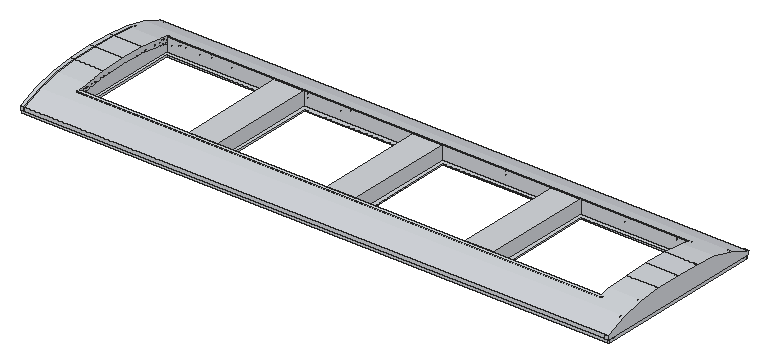
Revit family "Gira_0214778", category Electrical Fixtures, host Face, Revit 2017
Family settings
  Host = Face
  Maintain Annotation Orientation = No
  Round Connector Dimension = Use Diameter
  Part Type = Normal
  Cut with Voids When Loaded = No
  Shared = No
  Room Calculation Point = No
Parameters (values of type "Cov.fr. 4-g interm.fr. AN Gira Event Clear sand")
  With mounting grid = "No"
  With hinged lid = "No"
  URL = "http://katalog.gira.de/en/datenblatt.html?artikelnr=0214778"
  Type of fastening = "Clamp mounting"
  Transparent = "No"
  Surface protection = "Other"
  Surface finishing = "Glossy"
  Suitable for wall duct = "No"
  Suitable for flush-mounted installation = "No"
  Suitable for floor box = "No"
  Suitable for built-in installation = "No"
  Number of units vertical = "4"
  Number of units horizontal = "4"
  Number of units = "4"
  Name = "Cov.fr. 4-g interm.fr. AN Gira Event Clear sand"
  Mounting direction = "Horizontal and vertical"
  Material quality = "Thermoplastic"
  Material = "Plastic"
  Manufacturer URL = "https://www.gira.de/"
  Manufacturer = "Gira"
  Label space/information surface = "No"
  Keynote = ""
  HeinzeBIM = "https://bimportal.heinze.de/bim/cov-fr-4-g-interm-fr-an-gira-event-clear-sand/e37824ec6485593043461add711c21c70494d3a5"
  Halogen free = "Yes"
  HAN = "0214778"
  GTIN = "4010337069942"
  Description = "Cov.fr.4g i.fr.AN EvCl SD,Gira Event Clear cover frame,sand with anthracite intermediate frame,4-gang,Features:,- Shatter-proof."
  Degree of protection (IP) = "IP20"
  Default Elevation = 1219.2 mm
  Data sheet (1) = "https://katalog.gira.de/en/download.html?artikelnr=0214778"
  Colour = "Other"
  Category = "Cover frame for domestic switching devices"
  BIM (1) = "https://media.stage.bim.site/public/gira/36a6b08/Event_Rahmen_4fach.rfa"
  Available = "No"
Reference planes
  plane 1 "Center (Front/Back)": y = 0
  plane 2: z = 0
  plane 3 "Center (Left/Right)": x = 0
Forms (mm)
  Extrusion 1, solid, detail levels fine
    sketch origin (0, 0, 0.05) x (0, 1, 0) y (0, 0, 1)
      loop
        arc (12.445, 9.683) -> (6.223, 9.833) -> (0, 9.85) r 291.636
        arc (0, 9.85) -> (-6.223, 9.833) -> (-12.445, 9.683) r 291.636
        arc (-12.445, 9.683) -> (-29.14, 7.482) -> (-45, 1.823) r 79.728
        line (-45, 1.823) -> (-45, -0.05) -> (-42.086, -0.05)
        arc (-42.086, -0.05) -> (-21.385, 5.559) -> (0, 7.206) r 114.424
        arc (0, 7.206) -> (21.385, 5.559) -> (42.086, -0.05) r 114.424
        line (42.086, -0.05) -> (45, -0.05) -> (45, 1.823)
        arc (45, 1.823) -> (29.14, 7.482) -> (12.445, 9.683) r 79.728
    from -151.95 to 151.935
  Extrusion 2, void, detail levels fine
    sketch origin (0, 0, 0) x (1, 0, 0) y (0, 1, 0)
      loop
        line (134.95, 28.035) -> (-134.95, 28.035) -> (-134.95, -28.035) -> (134.95, -28.035) -> (134.95, 28.035)
    from 0.724 to 11
  Extrusion 3, solid, detail levels coarse
    sketch origin (0, 0, 0) x (1, 0, 0) y (0, 1, 0)
      loop
        line (-151.95, 45) -> (-151.95, -45) -> (151.935, -45) -> (151.935, 45) -> (-151.95, 45)
    from -1.5 to 9.9
  Extrusion 4, solid, detail levels medium
    sketch origin (0, 0, 0.05) x (0, 1, 0) y (0, 0, 1)
      loop
        arc (12.445, 9.683) -> (6.223, 9.833) -> (0, 9.85) r 291.636
        arc (0, 9.85) -> (-6.223, 9.833) -> (-12.445, 9.683) r 291.636
        arc (-12.445, 9.683) -> (-29.14, 7.482) -> (-45, 1.823) r 79.728
        line (-45, 1.823) -> (-45, -0.05) -> (45, -0.05) -> (45, 1.823)
        arc (45, 1.823) -> (29.14, 7.482) -> (12.445, 9.683) r 79.728
    from -151.95 to 151.935
  Extrusion 5, solid, detail levels fine
    sketch origin (-106.95, 0, -1.5) x (0, 1, 0) y (0, 0, -1)
      loop
        line (45, -3.373) -> (45, -1.5) -> (-45, -1.5) -> (-45, -3.373)
        arc (-45, -3.373) -> (-29.14, -9.032) -> (-12.445, -11.233) r 79.728
        arc (-12.445, -11.233) -> (-6.223, -11.383) -> (0, -11.4) r 291.636
        arc (0, -11.4) -> (6.223, -11.383) -> (12.445, -11.233) r 291.636
        arc (12.445, -11.233) -> (29.14, -9.032) -> (45, -3.373) r 79.728
    from 43 to 45
  Extrusion 6, solid, detail levels fine
    sketch origin (0, 0, 0) x (1, 0, 0) y (0, 1, 0)
      loop
        line (-132.85, 25.7) -> (-132.85, -25.7) -> (-81.05, -25.7) -> (-81.05, 25.7) -> (-132.85, 25.7)
      loop
        line (-9.755, -25.7) -> (-9.755, 25.7) -> (-61.555, 25.7) -> (-61.555, -25.7) -> (-9.755, -25.7)
      loop
        line (-135.845, 28.49) -> (-135.845, -28.495)
        spline (-135.845, -28.495) -> (-135.836, -28.625) -> (-135.811, -28.754) -> (-135.769, -28.878) -> (-135.711, -28.995) -> (-135.638, -29.104) -> (-135.552, -29.202) -> (-135.454, -29.288) -> (-135.345, -29.361) -> (-135.228, -29.419) -> (-135.104, -29.461) -> (-134.975, -29.486) -> (-134.845, -29.495)
        line (-134.845, -29.495) -> (134.845, -29.495)
        spline (134.845, -29.495) -> (134.975, -29.486) -> (135.104, -29.461) -> (135.228, -29.419) -> (135.345, -29.361) -> (135.454, -29.288) -> (135.552, -29.202) -> (135.638, -29.104) -> (135.711, -28.995) -> (135.769, -28.878) -> (135.811, -28.754) -> (135.836, -28.625) -> (135.845, -28.495)
        line (135.845, -28.495) -> (135.845, 28.49)
        spline (135.845, 28.49) -> (135.836, 28.62) -> (135.811, 28.748) -> (135.769, 28.872) -> (135.711, 28.99) -> (135.638, 29.098) -> (135.552, 29.197) -> (135.454, 29.283) -> (135.345, 29.356) -> (135.228, 29.413) -> (135.104, 29.456) -> (134.975, 29.481) -> (134.845, 29.49)
        line (134.845, 29.49) -> (-134.845, 29.49)
        spline (-134.845, 29.49) -> (-134.975, 29.481) -> (-135.104, 29.456) -> (-135.228, 29.413) -> (-135.345, 29.356) -> (-135.454, 29.283) -> (-135.552, 29.197) -> (-135.638, 29.098) -> (-135.711, 28.99) -> (-135.769, 28.872) -> (-135.811, 28.748) -> (-135.836, 28.62) -> (-135.845, 28.49)
      loop
        line (61.545, -25.7) -> (61.545, 25.7) -> (9.745, 25.7) -> (9.745, -25.7) -> (61.545, -25.7)
      loop
        line (132.85, -25.7) -> (132.85, 25.7) -> (81.05, 25.7) -> (81.05, -25.7) -> (132.85, -25.7)
    from 0.1 to 7.3
  Extrusion 7, solid
    sketch origin (0, 0, 0) x (1, 0, 0) y (0, 1, 0)
      loop
        arc (-151.65, -44.218) -> (-151.504, -44.572) -> (-151.15, -44.718) r 0.5
        line (-151.15, -44.718) -> (151.15, -44.718)
        arc (151.15, -44.718) -> (151.504, -44.572) -> (151.65, -44.218) r 0.5
        line (151.65, -44.218) -> (151.65, 44.182)
        arc (151.65, 44.182) -> (151.504, 44.535) -> (151.15, 44.682) r 0.5
        line (151.15, 44.682) -> (-151.15, 44.682)
        arc (-151.15, 44.682) -> (-151.504, 44.535) -> (-151.65, 44.182) r 0.5
        line (-151.65, 44.182) -> (-151.65, -44.218)
      loop
        line (-149.95, 42.982) -> (-149.95, -43.018) -> (149.95, -43.018) -> (149.95, 42.982) -> (-149.95, 42.982)
    from -1.5 to 0.5
  Extrusion 8, solid, detail levels fine
    sketch origin (106.935, 0, -1.5) x (0, 1, 0) y (0, 0, 1)
      loop
        arc (45, 3.373) -> (29.14, 9.032) -> (12.445, 11.233) r 79.728
        arc (12.445, 11.233) -> (6.223, 11.383) -> (0, 11.4) r 291.636
        arc (0, 11.4) -> (-6.223, 11.383) -> (-12.445, 11.233) r 291.636
        arc (-12.445, 11.233) -> (-29.14, 9.032) -> (-45, 3.373) r 79.728
        line (-45, 3.373) -> (-45, 1.5) -> (45, 1.5) -> (45, 3.373)
    from 43 to 45
  Extrusion 9, solid, detail levels medium
    sketch origin (0, 0, 0) x (1, 0, 0) y (0, 1, 0)
      loop
        line (-151.65, -44.718) -> (151.65, -44.718) -> (151.65, 44.682) -> (-151.65, 44.682) -> (-151.65, -44.718)
    from -1.5 to 0.5
  Extrusion 10, solid, detail levels fine
    sketch origin (-69.857, 0, 0) x (1, 0, 0) y (0, 1, 0)
      loop
        line (-8.943, 28.063) -> (-8.943, -27.937) -> (6.057, -27.937) -> (6.057, 28.063) -> (-8.943, 28.063)
    from 0.724 to 7.566
  Extrusion 11, solid, detail levels fine
    sketch origin (-1.443, 0, 0) x (-1, 0, 0) y (0, -1, 0)
      loop
        line (-8.943, -28.063) -> (6.057, -28.063) -> (6.057, 27.937) -> (-8.943, 27.937) -> (-8.943, -28.063)
    from 0.724 to 7.566
  Extrusion 12, solid, detail levels fine
    sketch origin (69.857, 0, 0) x (-1, 0, 0) y (0, -1, 0)
      loop
        line (-8.943, -28.063) -> (6.057, -28.063) -> (6.057, 27.937) -> (-8.943, 27.937) -> (-8.943, -28.063)
    from 0.724 to 7.566
Cuts and joins
  Extrusion 2 cuts Extrusion 1
  Extrusion 2 cuts Extrusion 6
Dimensions and locks
  aligned and locked: plane 2 to host face
  aligned and locked: level to host face
